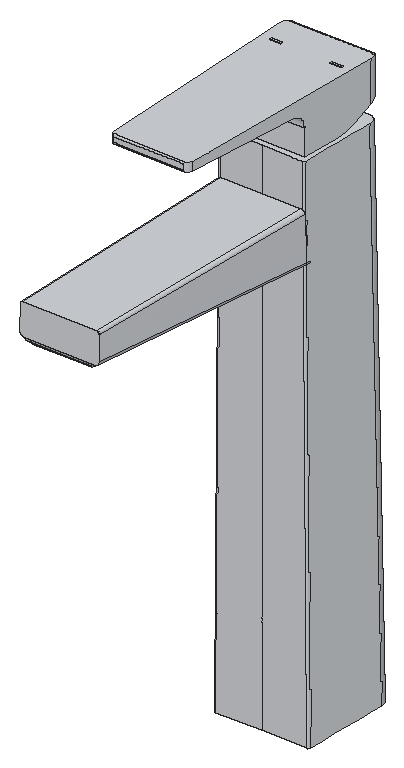
Revit family "Faucet-Lavatory-KOHLER-Hone-K-22535IN", category Plumbing Fixtures, host Face, Revit 2021
Family settings
  Host = Face
  Round Connector Dimension = Use Diameter
  Part Type = Normal
  OmniClass Number = 23.31.11.00
  OmniClass Title = Faucets
  Cut with Voids When Loaded = No
  Shared = No
  Room Calculation Point = No
Parameters (values of type "CP-Polished Chrome")
  Width = 1 203/256"  # constant formula
  WaterSense Certified = 1 = 0  # no
  Waste Water Outlet = "Waste Water Outlet"  # constant formula
  Waste Connection = 1 = 0  # no
  Vent Connection = 1 = 0  # no
  URL = "https://www.kohler.co.in/"
  Type = 1
  Spout Reach = 4 185/256"  # constant formula
  Secondary Finish = Silicone-Pantone-423C
  Product Page URL = "https://www.kohler.co.in/product-detail/22535in-4?skuid=K-22535IN-4-CP"
  Product Name = "Hone"  # constant formula
  Product Documentation Link = ""
  Pressure = 60.00 psi  # constant formula
  Model = if(Type = 1, "K-22535IN-4-CP", if(Type = 2, "K-22535IN-4ND-CP", if(Type = 3, "K-22535IN-4ND-AF", if(Type = 4, "K-22535IN-4ND-BN", "NA"))))  # "K-22535IN-4-CP"
  Material = "Premium Metal Construction"  # constant formula
  Master Format 2014 Name = "Residential Faucets, Supplies, and Trim"  # constant formula
  Master Format 2014 = "22 41 39"  # constant formula
  Manufacturer Address = "Ambience Office Tower NH-8 Gurgaon / Gurugram Haryana , 122001"  # constant formula
  Manufacturer = "Kohler Co."  # constant formula
  Lift Rod = if(Type = 1, 1 = 1, 1 = 0)  # yes
  Length = Spout Reach  # 4 185/256"
  Hot Water Inlet = "Hot Water Inlet"  # constant formula
  Height = 10.62992"  # constant formula
  Handle Clearance = 3 59/128"  # constant formula
  HW Connection = 1 = 1  # yes
  Flow Rate = 0 GPM
  Finish = Kohler-Metal-CP-Polished_Chrome
  Environmental Product Declaration = ""
  Drain Included = if(Type = 1, 1 = 1, 1 = 0)  # yes
  Description = if(or(Type = 1), " SC Tall Faucet With Drain", if(or(Type = 2, Type = 3, Type = 4), "SC Tall Lav Faucet Without Drain ", "NA"))  # " SC Tall Faucet With Drain"
  Default Elevation = 36"
  Declare Label = ""
  Date Modified = "06/17/2024"  # constant formula
  Date Created = "10/13/2020"  # constant formula
  Copyright = "Copyright Kohler Co."  # constant formula
  Contact Us = "https://www.kohler.co.in/contact-us"
  Cold Water Inlet = "Cold Water Inlet"  # constant formula
  CW Connection = 1 = 1  # yes
  Assembly Code = "D2010"
  ADA Compliant = 1 = 0  # no
Types (5): name | Type | Product Page URL | Model | Lift Rod | Finish | Drain Included | Description
  (no name) | 1 | "https://www.kohler.co.in/product-detail/22535in-4?skuid=K-22535IN-4-CP" | "K-22535IN-4-CP" | yes | Kohler-Metal-CP-Polished_Chrome | yes | " SC Tall Faucet With Drain"
  CP-Polished Chrome | 1 | "https://www.kohler.co.in/product-detail/22535in-4?skuid=K-22535IN-4-CP" | "K-22535IN-4-CP" | yes | Kohler-Metal-CP-Polished_Chrome | yes | " SC Tall Faucet With Drain"
  Without drain,CP-Polished Chrome | 2 | "https://www.kohler.co.in/product-detail/22535in-4?skuid=K-22535IN-4ND-CP" | "K-22535IN-4ND-CP" | no | Kohler-Metal-AF-Flange_Gold | no | "SC Tall Lav Faucet Without Drain "
  Without drain,AF-Flange Gold | 3 | "https://www.kohler.co.in/product-detail/22535in-4?skuid=K-22535IN-4ND-AF" | "K-22535IN-4ND-AF" | no | Kohler-Metal-AF-Flange_Gold | no | "SC Tall Lav Faucet Without Drain "
  Without drain,BN-Roman Silver | 4 | "https://www.kohler.co.in/product-detail/22535in-4?skuid=K-22535IN-4ND-BN" | "K-22535IN-4ND-BN" | no | Kohler-Metal-BN-Roman_Silver | no | "SC Tall Lav Faucet Without Drain "
Reference planes (in)
  plane 1 "Center (Front/Back)": y = 0
  plane 2: z = 0
  plane 3 "Center (Left/Right)": x = 0
  plane 4: y = 0.90486
  plane 5: x = -0.89692
  plane 6: x = 0.89605
  plane 7: y = -0.90486
  plane 8: y = -4.72441
  plane 9: z = 7.95276
  plane 10: y = -3.46094
  plane 11: z = 10.62992
  plane 12: y = -5.39545
  plane 13: x = -0.64961
  plane 14: x = 0.64961
  plane 15: x = 0.45276
  plane 16: x = -0.45276
Dimensions and locks (in)
  "Width": plane 5 to plane 6
  "Handle Clearance": plane 10 to plane 1 "Center (Front/Back)"
  "Spout Reach": nested 1 to plane 8
  "Height": plane 11 to level
  aligned and locked: plane 2 to host face
  aligned and locked: level to host face
Automatic sketch dimensions
  host sketch curve to host sketch curve = 96"  (x2)
Nested families (in)
  nested 1: "K-22535IN" at (0, -0.00175, 0), type "K-22535IN"
Connectors (in)
  piping at (-0.53291, -0.00175, 0), diameter 0.5, driven by "HW Connection", driven by "Hot Water Inlet"
    settings: on nested 1, index 1, connector inside diameter 24", connector length 0", flow factor 0, pipe flow 0 GPM, pressure drop 0.00 psi, fitting loss kfactor 0, connector angle 0.00°, fixture units 0, engagement length 0", angle of deflection 0.00°, flow configuration 0, flow direction 1, fitting loss method 0, system type 19, joint type 0, gender type 0, connector reference index -1, connector utility 1, adjustable connector no, is connector primary yes, connector description "Hot Water Inlet"
  piping at (0.53291, -0.00175, 0), diameter 0.5, driven by "CW Connection", driven by "Cold Water Inlet"
    settings: on nested 1, index 2, connector inside diameter 24", connector length 0", flow factor 0, pipe flow 0 GPM, pressure drop 0.00 psi, fitting loss kfactor 0, connector angle 0.00°, fixture units 0, engagement length 0", angle of deflection 0.00°, flow configuration 0, flow direction 1, fitting loss method 0, system type 20, joint type 0, gender type 0, connector reference index -1, connector utility 1, adjustable connector no, is connector primary no, connector description "Cold Water Inlet"
Definition of nested family "K-22535IN"
  Parameters
    Without Lift Rod = yes
    Plug Finish = none
    Material = none
    Lift Rod = yes
    Default Elevation = 0"
  Reference planes (in)
    plane 1 "Center (Front/Back)": y = 0
    plane 2: z = 0
    plane 3 "Center (Left/Right)": x = 0
    plane 4: y = 0.90486
    plane 5: y = -0.90486
    plane 6: x = -0.89692
    plane 7: x = 0.89692
    plane 8: z = 10.62992
    plane 9: y = -4.72441
    plane 10: z = 7.95276
    plane 11: y = -5.3937
    plane 12: y = -3.38583
    plane 13: y = 0.11746
    plane 14: x = -0.45276
    plane 15: x = 0.45276
    plane 16: x = -0.64961
    plane 17: x = 0.64961
    plane 18: y = 0.13715
    plane 19: y = 0.09778
  Forms (in)
    Blend 1, solid, material <- "Material", detail levels medium+fine
      base sketch origin (0, 0, 0) x (1, 0, 0) y (0, 1, 0)
        loop
          line (0, 0.90486) -> (-0.70861, 0.90486)
          arc (-0.70861, 0.90486) -> (-0.8431, 0.84836) -> (-0.89688, 0.71277) r 0.1883
          line (-0.89688, 0.71277) -> (-0.86509, -0.86697)
          arc (-0.86509, -0.86697) -> (-0.8535, -0.89381) -> (-0.82643, -0.90486) r 0.03867
          line (-0.82643, -0.90486) -> (0, -0.90486) -> (0.82643, -0.90486)
          arc (0.82643, -0.90486) -> (0.8535, -0.89381) -> (0.86509, -0.86697) r 0.03867
          line (0.86509, -0.86697) -> (0.89688, 0.71277)
          arc (0.89688, 0.71277) -> (0.8431, 0.84836) -> (0.70861, 0.90486) r 0.1883
          line (0.70861, 0.90486) -> (0, 0.90486)
      top sketch origin (0, 0, 0) x (1, 0, 0) y (0, 1, 0)
        loop
          line (0, 0.75055) -> (-0.62287, 0.75055)
          arc (-0.62287, 0.75055) -> (-0.7657, 0.69043) -> (-0.82255, 0.54626) r 0.19973
          line (-0.82255, 0.54626) -> (-0.79002, -0.87935)
          arc (-0.79002, -0.87935) -> (-0.7822, -0.89734) -> (-0.76404, -0.90474) r 0.02598
          line (-0.76404, -0.90474) -> (0, -0.90474) -> (0.76404, -0.90474)
          arc (0.76404, -0.90474) -> (0.7822, -0.89734) -> (0.79002, -0.87935) r 0.02598
          line (0.79002, -0.87935) -> (0.82255, 0.54626)
          arc (0.82255, 0.54626) -> (0.7657, 0.69043) -> (0.62287, 0.75055) r 0.19973
          line (0.62287, 0.75055) -> (0, 0.75055)
      from 0 to 9.55272
    Extrusion 2, solid, material <- "Material", detail levels medium+fine
      sketch origin (0, 0, 4.45246) x (0, 1, 0) y (0, 0, 1)
        loop
          arc (0.72395, 6.13855) -> (0.71747, 6.15325) -> (0.70258, 6.15928) r 0.02138
          line (0.70258, 6.15928) -> (-3.43973, 6.15928)
          arc (-3.43973, 6.15928) -> (-3.45356, 6.15355) -> (-3.45929, 6.13972) r 0.01956
          line (-3.45929, 6.13972) -> (-3.45929, 6.03306)
          arc (-3.45929, 6.03306) -> (-3.45356, 6.01881) -> (-3.43956, 6.01248) r 0.0206
          line (-3.43956, 6.01248) -> (-1.15755, 5.91511)
          arc (-1.15755, 5.91511) -> (-0.97823, 5.83402) -> (-0.90486, 5.65141) r 0.26394
          line (-0.90486, 5.65141) -> (-0.90486, 5.18881) -> (-0.17357, 5.18881)
          arc (-0.17357, 5.18881) -> (0.00142, 5.20681) -> (0.16908, 5.26008) r 0.85933
          line (0.16908, 5.26008) -> (0.74301, 5.50962) -> (0.72395, 6.13855)
      from -0.96139 to 0.92902
    Sweep 3, solid, material <- "Material", visible <- "Lift Rod"
      path origin (0, -0.06152, 3.83379) x (0, 1, 0) y (0, 0, 1)
        loop
          line (1.62984, 1.79856) -> (1.17985, 1.95351)
          arc (1.17985, 1.95351) -> (1.06232, 1.94975) -> (0.977, 1.86882) r 0.16535
          line (0.977, 1.86882) -> (0.74233, 1.38082)
      profile origin (0, 1.34333, 5.70982) x (0, -0.325568, -0.945519) y (1, 0, 0)
        loop
          circle (0, 0.00054) r 0.08088
    Extrusion 4, void
      sketch origin (0, 0, 0) x (1, 0, 0) y (0, 1, 0)
        loop
          line (0.3193, -3.46761) -> (0.3193, -4.11706) -> (1.30355, -4.11706) -> (1.30355, 1.34725) -> (0.17348, 1.34725) -> (0.17348, 0.76285) -> (0.63324, 0.76285)
          arc (0.63324, 0.76285) -> (0.77459, 0.703) -> (0.82999, 0.55985) r 0.19685
          line (0.82999, 0.55985) -> (0.70749, -3.3586)
          arc (0.70749, -3.3586) -> (0.67333, -3.43588) -> (0.59502, -3.46761) r 0.11253
          line (0.59502, -3.46761) -> (0.3193, -3.46761)
      from 9.64127 to 11.6129
    Extrusion 5, void
      sketch origin (0, 0, 0) x (-1, 0, 0) y (0, -1, 0)
        loop
          line (0.3193, 3.46761) -> (0.59502, 3.46761)
          arc (0.59502, 3.46761) -> (0.67333, 3.43588) -> (0.70749, 3.3586) r 0.11253
          line (0.70749, 3.3586) -> (0.82999, -0.55985)
          arc (0.82999, -0.55985) -> (0.77459, -0.703) -> (0.63324, -0.76285) r 0.19685
          line (0.63324, -0.76285) -> (0.17348, -0.76285) -> (0.17348, -1.34725) -> (1.30355, -1.34725) -> (1.30355, 4.11706) -> (0.3193, 4.11706) -> (0.3193, 3.46761)
      from 9.64127 to 11.6129
    Revolve 6, solid, material <- "Material", detail levels medium+fine
      sketch origin (0, 0, 0) x (0, 1, 0) y (0, 0, 1)
        loop
          line (0, 9.55272) -> (0.67153, 9.55272)
          arc (0.67153, 9.55272) -> (0.61448, 9.75688) -> (0.5137, 9.94337) r 0.95278
          line (0.5137, 9.94337) -> (0, 9.94337) -> (0, 9.55272)
        axis (0, 9.94337) -> (0, 9.55272)
      angle from 0 to 360
    Extrusion 7, solid, material <- "Material", detail levels coarse
      sketch origin (0, 0, 0) x (0, 1, 0) y (0, 0, 1)
        loop
          line (0, 0) -> (0.9019, 0) -> (0.9019, 9.55272) -> (-0.03148, 9.55272) -> (-0.90652, 9.55272) -> (-0.90652, 0) -> (0, 0)
      from -0.97244 to 0.97216
    Revolve 8, solid, material <- "Material", detail levels coarse
      sketch origin (0, 0, 0) x (0, 1, 0) y (0, 0, 1)
        loop
          line (0, 9.55272) -> (0.66466, 9.55272)
          arc (0.66466, 9.55272) -> (0.61595, 9.77298) -> (0.48808, 9.95882) r 0.58952
          line (0.48808, 9.95882) -> (0, 9.95882) -> (0, 9.55272)
        axis (0, 9.95882) -> (0, 9.55272)
      angle from 0 to 360
    Extrusion 9, solid, material <- "Material", detail levels coarse
      sketch origin (0, 0, 0) x (0, 1, 0) y (0, 0, 1)
        loop
          line (-0.90685, 9.64567) -> (0.07999, 9.64567) -> (0.80209, 9.95964) -> (0.80209, 10.62068) -> (-3.46711, 10.62068) -> (-3.46711, 10.46172) -> (-0.90685, 10.32754) -> (-0.90685, 9.64567)
      from -0.89692 to 0.89692
    Extrusion 10, solid, material <- "Material", detail levels coarse
      sketch origin (0, 0, 0) x (0, 1, 0) y (0, 0, 1)
        loop
          line (-0.90478, 8.80397) -> (-5.49205, 8.80397) -> (-5.49205, 7.8924) -> (-0.96046, 7.67497)
          arc (-0.96046, 7.67497) -> (-0.9272, 7.57335) -> (-0.90478, 7.46881) r 1.01826
          line (-0.90478, 7.46881) -> (-0.90478, 8.80397)
      from -0.7842 to 0.89692
    Extrusion 11, solid, material <- "Material"
      sketch origin (0, 0, 0) x (1, 0, 0) y (0, 1, 0)
        loop
          circle (-0.53291, 0) r 0.11811
        loop
          circle (0.53291, 0) r 0.11811
      from 0 to 0.13946
    Blend 12, solid, material <- "Material", detail levels medium+fine
      base sketch origin (0, -0.77119, 4.44382) x (1, 0, 0) y (0, 0, 1)
        loop
          line (-0.79549, 4.25993) -> (-0.79896, 3.443)
          arc (-0.79896, 3.443) -> (-0.79332, 3.42253) -> (-0.77787, 3.40797) r 0.03937
          arc (-0.77787, 3.40797) -> (-0.62267, 3.33641) -> (-0.46099, 3.28104) r 1.67464
          arc (-0.46099, 3.28104) -> (-0.022, 3.21649) -> (0.41853, 3.26949) r 1.67464
          arc (0.41853, 3.26949) -> (0.60201, 3.3283) -> (0.77753, 3.40779) r 1.67464
          arc (0.77753, 3.40779) -> (0.79323, 3.42259) -> (0.79895, 3.44338) r 0.03999
          line (0.79895, 3.44338) -> (0.79552, 4.25262)
          arc (0.79552, 4.25262) -> (0.77492, 4.30379) -> (0.72481, 4.32684) r 0.07464
          arc (0.72481, 4.32684) -> (-0.00366, 4.34595) -> (-0.73212, 4.32648) r 13.76456
          arc (-0.73212, 4.32648) -> (-0.77703, 4.3058) -> (-0.79549, 4.25993) r 0.06693
      top sketch origin (0, -0.77119, 4.44382) x (1, 0, 0) y (0, 0, 1)
        loop
          line (-0.71959, 4.28112) -> (-0.72727, 3.84113)
          arc (-0.72727, 3.84113) -> (-0.72169, 3.81361) -> (-0.70503, 3.79101) r 0.06507
          arc (-0.70503, 3.79101) -> (-0.57105, 3.70189) -> (-0.41853, 3.65065) r 0.61408
          arc (-0.41853, 3.65065) -> (0, 3.61019) -> (0.41853, 3.65065) r 2.18484
          arc (0.41853, 3.65065) -> (0.57062, 3.70168) -> (0.7043, 3.79037) r 0.61408
          arc (0.7043, 3.79037) -> (0.72149, 3.81364) -> (0.72725, 3.842) r 0.06693
          line (0.72725, 3.842) -> (0.71959, 4.28082)
          arc (0.71959, 4.28082) -> (0.70762, 4.30996) -> (0.67908, 4.32328) r 0.04331
          arc (0.67908, 4.32328) -> (-0.00003, 4.34521) -> (-0.67914, 4.3235) r 10.58084
          arc (-0.67914, 4.3235) -> (-0.70764, 4.31021) -> (-0.71959, 4.28112) r 0.04322
      from 0.0152 to 4.72085
    Revolve 13, solid, detail levels medium+fine
      sketch origin (0, -0.80811, 4.47323) x (0, 1, 0) y (0, 0, 1)
        loop
          arc (-4.00959, 3.50326) -> (-3.87663, 3.46824) -> (-3.73914, 3.46822) r 0.53543
          line (-3.73914, 3.46822) -> (-3.68013, 3.44557)
          arc (-3.68013, 3.44557) -> (-3.66059, 3.45548) -> (-3.64862, 3.47383) r 0.0423
          line (-3.64862, 3.47383) -> (-3.62318, 3.55167) -> (-3.54863, 3.52305) -> (-3.47365, 3.71839) -> (-3.87648, 3.85002) -> (-4.00959, 3.50326)
        axis (-4.00959, 3.50326) -> (-3.86878, 3.87007)
      angle from 0 to 360
    Revolve 14, void
      sketch origin (0, -0.8081, 4.44382) x (0, 1, 0) y (0, 0, 1)
        loop
          line (-3.41478, 3.81734) -> (-3.84541, 3.95557) -> (-4.1218, 3.23553) -> (-3.70024, 3.07371) -> (-3.41478, 3.81734)
        axis (-3.83635, 3.97917) -> (-4.1218, 3.23553)
      angle from 0 to 360
    Extrusion 15, void
      sketch origin (0, -0.77119, 4.44382) x (0, 1, 0) y (0, 0, 1)
        loop
          arc (-4.67559, 3.67733) -> (-4.68646, 3.6883) -> (-4.69707, 3.69952) r 0.67954
          arc (-4.69707, 3.69952) -> (-4.71204, 3.72081) -> (-4.72085, 3.74532) r 0.09759
          line (-4.72085, 3.74532) -> (-4.72085, 3.49663) -> (-4.24533, 3.49663) -> (-4.24533, 3.57722) -> (-4.50422, 3.59861)
          arc (-4.50422, 3.59861) -> (-4.59683, 3.6229) -> (-4.67559, 3.67733) r 0.27636
      from -1.06266 to 1.20488
    Revolve 16, solid, material <- "Plug Finish", detail levels medium+fine
      sketch origin (0, 0.06916, 4.43213) x (0, 1, 0) y (0, 0, 1)
        loop
          line (-0.83333, 5.64698) -> (-0.83333, 5.79041) -> (-0.90743, 5.79041)
          arc (-0.90743, 5.79041) -> (-0.92752, 5.78628) -> (-0.94436, 5.77457) r 0.05095
          arc (-0.94436, 5.77457) -> (-0.98211, 5.71568) -> (-0.99533, 5.64698) r 0.18517
          line (-0.99533, 5.64698) -> (-0.83333, 5.64698)
        axis (-0.99533, 5.64698) -> (-0.83333, 5.64698)
      angle from 0 to 360
    Revolve 17, void
      sketch origin (0, 0.08146, 4.44444) x (0, 1, 0) y (0, 0, 1)
        loop
          line (-0.81693, 5.78237) -> (-1.04502, 5.78237) -> (-1.04502, 5.63468) -> (-0.81693, 5.63468) -> (-0.81693, 5.78237)
        axis (-0.81693, 5.63468) -> (-1.04502, 5.63468)
      angle from 0 to 360
    Extrusion 18, solid, detail levels medium+fine
      sketch origin (0.00266, 0.00177, 0) x (-1, 0, 0) y (0, -1, 0)
        loop
          line (-0.64694, -0.13537) -> (-0.45009, -0.13537) -> (-0.45009, -0.096) -> (-0.64694, -0.096) -> (-0.64694, -0.13537)
      from 10.48732 to 10.61415
    Extrusion 19, solid, detail levels medium+fine
      sketch origin (0.00266, 0.00177, 0) x (1, 0, 0) y (0, 1, 0)
        loop
          line (-0.65227, 0.13537) -> (-0.65227, 0.096) -> (-0.45542, 0.096) -> (-0.45542, 0.13537) -> (-0.65227, 0.13537)
      from 10.48732 to 10.61415
  Cuts and joins
    Extrusion 5 cuts Blend 1
    Extrusion 4, Extrusion 5, Revolve 17 cuts Extrusion 2
    joined: Blend 1, Extrusion 2
    Revolve 14, Extrusion 15 cuts Blend 12
    Revolve 17 cuts Extrusion 7
    joined: Extrusion 7, Extrusion 9
  Lines and regions (in)
    Masking region 1
      outline origin (0, 0, 0) x (0, 1, 0) y (0, 0, 1)
        loop
          line (-0.90478, 0) -> (0.90486, 0) -> (0.88254, 1.96838)
          arc (0.88254, 1.96838) -> (0.85817, 3.48834) -> (0.81955, 5.00802) r 162.11995
          arc (0.81955, 5.00802) -> (0.7681, 7.28041) -> (0.75055, 9.55333) r 152.40345
          line (0.75055, 9.55333) -> (0.67167, 9.55333)
          arc (0.67167, 9.55333) -> (0.62878, 9.72839) -> (0.54564, 9.88831) r 0.75528
          line (0.54564, 9.88831) -> (0.73835, 9.9721) -> (0.71944, 10.59576)
          arc (0.71944, 10.59576) -> (0.71341, 10.6103) -> (0.69925, 10.61717) r 0.02217
          arc (0.69925, 10.61717) -> (0.55619, 10.62673) -> (0.41285, 10.62992) r 3.22299
          line (0.41285, 10.62992) -> (-3.08412, 10.62992)
          arc (-3.08412, 10.62992) -> (-3.22477, 10.62672) -> (-3.36512, 10.6171) r 3.0867
          arc (-3.36512, 10.6171) -> (-3.37987, 10.60978) -> (-3.38583, 10.59442) r 0.02278
          line (-3.38583, 10.59442) -> (-3.38583, 10.49457)
          arc (-3.38583, 10.49457) -> (-3.38001, 10.48009) -> (-3.36579, 10.47367) r 0.02092
          line (-3.36579, 10.47367) -> (-1.14282, 10.37968)
          arc (-1.14282, 10.37968) -> (-1.02672, 10.34523) -> (-0.9407, 10.25999) r 0.24846
          arc (-0.9407, 10.25999) -> (-0.93727, 10.24244) -> (-0.9344, 10.22478) r 0.55796
          line (-0.9344, 10.22478) -> (-0.90486, 10.02241) -> (-0.90486, 9.65139) -> (-0.81586, 9.65139) -> (-0.83603, 9.55278) -> (-0.90474, 9.55278) -> (-0.90474, 9.05016)
          arc (-0.90474, 9.05016) -> (-0.97665, 8.87654) -> (-1.15027, 8.80462) r 0.24553
          line (-1.15027, 8.80462) -> (-4.44468, 8.80462)
          arc (-4.44468, 8.80462) -> (-4.8982, 8.80073) -> (-5.35158, 8.78903) r 26.3761
          arc (-5.35158, 8.78903) -> (-5.38145, 8.77574) -> (-5.3937, 8.74543) r 0.04362
          line (-5.3937, 8.74543) -> (-5.3937, 8.10674)
          arc (-5.3937, 8.10674) -> (-5.39, 8.08755) -> (-5.37942, 8.07112) r 0.05158
          line (-5.37942, 8.07112) -> (-5.35675, 8.04738) -> (-4.95617, 8.00851)
          arc (-4.95617, 8.00851) -> (-4.93552, 7.99912) -> (-4.91505, 7.98934) r 1.19061
          line (-4.91505, 7.98934) -> (-4.89688, 8.04505) -> (-4.79963, 8.01334) -> (-4.8172, 7.95946)
          arc (-4.8172, 7.95946) -> (-4.71117, 7.9435) -> (-4.60412, 7.94959) r 0.52082
          line (-4.60412, 7.94959) -> (-4.54018, 7.92874)
          arc (-4.54018, 7.92874) -> (-4.50866, 7.93443) -> (-4.49604, 7.96387) r 0.0338
          line (-4.49604, 7.96387) -> (-1.55594, 7.67857)
          arc (-1.55594, 7.67857) -> (-1.09185, 7.4456) -> (-0.90478, 6.96117) r 0.72077
          line (-0.90478, 6.96117) -> (-0.90478, 0)
    Masking region 2
      outline origin (0, 0, 0) x (1, 0, 0) y (0, 0, 1)
        loop
          line (-0.89692, 0) -> (0.89692, 0) -> (0.88647, 1.35418) -> (0.87704, 2.58908) -> (0.85141, 6.4654) -> (0.81639, 9.55272) -> (0.7515, 9.55272)
          arc (0.7515, 9.55272) -> (0.74281, 9.6025) -> (0.72957, 9.65127) r 0.54759
          line (0.72957, 9.65127) -> (0.80479, 9.65127)
          arc (0.80479, 9.65127) -> (0.80914, 9.67869) -> (0.81153, 9.70635) r 0.38815
          arc (0.81153, 9.70635) -> (0.81632, 9.84889) -> (0.81636, 9.9915) r 4.28111
          line (0.81636, 9.9915) -> (0.80654, 10.59076)
          arc (0.80654, 10.59076) -> (0.80044, 10.6056) -> (0.78588, 10.61234) r 0.02199
          arc (0.78588, 10.61234) -> (0.66255, 10.61881) -> (0.53935, 10.62329) r 7.71155
          arc (0.53935, 10.62329) -> (0.0154, 10.63073) -> (-0.50854, 10.62329) r 18.46434
          arc (-0.50854, 10.62329) -> (-0.64713, 10.61859) -> (-0.78566, 10.61236) r 12.53788
          arc (-0.78566, 10.61236) -> (-0.80036, 10.60568) -> (-0.80654, 10.59076) r 0.02199
          line (-0.80654, 10.59076) -> (-0.81636, 9.9915)
          arc (-0.81636, 9.9915) -> (-0.81632, 9.84889) -> (-0.81153, 9.70635) r 4.28111
          arc (-0.81153, 9.70635) -> (-0.80914, 9.67869) -> (-0.80479, 9.65127) r 0.38815
          line (-0.80479, 9.65127) -> (-0.72957, 9.65127)
          arc (-0.72957, 9.65127) -> (-0.74281, 9.6025) -> (-0.7515, 9.55272) r 0.54759
          line (-0.7515, 9.55272) -> (-0.81639, 9.55272) -> (-0.85141, 6.4654) -> (-0.87704, 2.58908) -> (-0.88647, 1.35418) -> (-0.89692, 0)
    Masking region 3
      outline origin (0, 0, 0) x (1, 0, 0) y (0, 1, 0)
        loop
          arc (-0.86509, -0.86697) -> (-0.85601, -0.8914) -> (-0.8337, -0.90486) r 0.03953
          line (-0.8337, -0.90486) -> (-0.7982, -0.90486) -> (-0.78241, -1.5078) -> (-0.7084, -4.68827) -> (-0.69964, -5.15283)
          arc (-0.69964, -5.15283) -> (-0.62665, -5.32338) -> (-0.45498, -5.3937) r 0.24469
          line (-0.45498, -5.3937) -> (0.45498, -5.3937)
          arc (0.45498, -5.3937) -> (0.62665, -5.32338) -> (0.69964, -5.15283) r 0.24469
          line (0.69964, -5.15283) -> (0.7084, -4.68827) -> (0.78241, -1.5078) -> (0.7982, -0.90486) -> (0.8337, -0.90486)
          arc (0.8337, -0.90486) -> (0.85601, -0.8914) -> (0.86509, -0.86697) r 0.03953
          line (0.86509, -0.86697) -> (0.89688, 0.71277)
          arc (0.89688, 0.71277) -> (0.8431, 0.84836) -> (0.70861, 0.90486) r 0.1883
          line (0.70861, 0.90486) -> (-0.70861, 0.90486)
          arc (-0.70861, 0.90486) -> (-0.8431, 0.84836) -> (-0.89688, 0.71277) r 0.1883
          line (-0.89688, 0.71277) -> (-0.86509, -0.86697)
    Masking region 4, visible <- "Lift Rod"
      outline origin (0, 0, 0) x (1, 0, 0) y (0, 1, 0)
        loop
          line (-0.08034, 1.56806) -> (-0.08034, 0.74301) -> (0.08034, 0.74301) -> (0.08034, 1.56403)
          spline (0.08034, 1.56403) -> (0.08091, 1.57128) -> (0.07539, 1.5783) -> (0.06419, 1.58457) -> (0.04816, 1.58961) -> (0.02852, 1.59303) -> (0.00676, 1.59458) -> (-0.01547, 1.59413) -> (-0.03649, 1.59173) -> (-0.0547, 1.58756) -> (-0.06872, 1.58192) -> (-0.07749, 1.57525) -> (-0.08034, 1.56806)
    Masking region 5, visible <- "Lift Rod"
      outline origin (0, 0, 0) x (0, 1, 0) y (0, 0, 1)
        loop
          line (1.59489, 5.71214) -> (1.13325, 5.87109)
          arc (1.13325, 5.87109) -> (0.90418, 5.83636) -> (0.80214, 5.62836) r 0.24985
          arc (0.80214, 5.62836) -> (0.80518, 5.5135) -> (0.8083, 5.39865) r 152.40345
          line (0.8083, 5.39865) -> (0.99346, 5.66365)
          arc (0.99346, 5.66365) -> (1.04781, 5.70393) -> (1.11545, 5.70335) r 0.10652
          line (1.11545, 5.70335) -> (1.54137, 5.5567) -> (1.59489, 5.71214)
    symbolic lines, detail levels medium+fine
      curve 1: line (0, -3.38583, 10.59442) -> (0, 0.71949, 10.59442)
      curve 2: line (0, 0.50935, 9.87253) -> (0, 0.50935, 10.59442)
      curve 3: line (0, 0.54564, 9.88831) -> (0, 0.15094, 9.71669)
      curve 4: line (0, -0.81586, 9.65139) -> (0, -0.16303, 9.65139)
      curve 5: arc (0, 0.15094, 9.71669) -> (0, -0.00269, 9.66789) -> (0, -0.16303, 9.65139) r 0.7874
      curve 6: line (0, -3.38583, 10.49457) -> (0, -1.13934, 10.39359)
      curve 7: line (0, -0.89042, 9.65139) -> (0, -0.89042, 10.13323)
      curve 8: arc (0, -1.13934, 10.39359) -> (0, -0.96266, 10.31333) -> (0, -0.89042, 10.13323) r 0.26063
      curve 9: line (0, -0.90486, 10.02241) -> (0, -0.90486, 10.13715)
      curve 10: arc (0, -0.90486, 10.13715) -> (0, -0.914, 10.20113) -> (0, -0.9407, 10.25999) r 0.22844
      curve 11: line (0, -0.90486, 10.10332) -> (0, -0.92273, 10.22571)
      curve 12: line (0, 0.67167, 9.55333) -> (0, -0.83603, 9.55278)
      curve 13: line (0, 0.50935, 9.55327) -> (0, 0.6177, 0)
      curve 14: line (0, -0.86686, 0) -> (0, -0.86686, 7.61006)
      curve 15: line (0, -1.12285, 7.88558) -> (0, -5.3937, 8.19979)
      curve 16: line (0, -5.22065, 8.18706) -> (0, -5.22065, 8.79321)
      curve 17: line (0, -5.3937, 8.74543) -> (0, -1.15007, 8.74543)
      curve 18: line (0, -0.86766, 9.55278) -> (0, -0.86766, 9.02785)
      curve 19: arc (0, -0.86766, 9.02785) -> (0, -0.95038, 8.82815) -> (0, -1.15007, 8.74543) r 0.28241
      curve 20: arc (0, -0.86686, 7.61006) -> (0, -0.94074, 7.7981) -> (0, -1.12285, 7.88558) r 0.27626
      curve 21: line (0, -0.90478, 6.96117) -> (0, -0.90478, 7.58396)
      curve 22: line (0, -1.15089, 7.84884) -> (0, -5.3937, 8.16099)
      curve 23: arc (0, -0.90478, 7.58396) -> (0, -0.97581, 7.76475) -> (0, -1.15089, 7.84884) r 0.2656
      curve 24: line (0, -4.49604, 7.96387) -> (0, -4.79963, 8.01334)
      curve 25: line (0, -4.60412, 7.94959) -> (0, -4.74849, 8.00501)
      curve 26: line (0, -4.95617, 8.00851) -> (0, -4.91025, 8.00406)
      curve 27: line (-0.80654, 0, 10.59076) -> (0.80654, 0, 10.59076)
      curve 28: line (-0.75122, 0, 10.39186) -> (-0.71619, 0, 10.45253)
      curve 29: line (-0.7666, 0, 10.40235) -> (-0.72721, 0, 10.47057)
      curve 30: line (-0.77412, 0, 9.65127) -> (-0.76187, 0, 10.35345)
      curve 31: arc (-0.76187, 0, 10.35345) -> (-0.75898, 0, 10.37333) -> (-0.75122, 0, 10.39186) r 0.07958
      curve 32: line (-0.78884, 0, 9.65127) -> (-0.77634, 0, 10.36721)
      curve 33: arc (-0.77634, 0, 10.36721) -> (-0.77371, 0, 10.3854) -> (-0.7666, 0, 10.40235) r 0.07281
      curve 34: line (-0.50642, 0, 10.4925) -> (0.50642, 0, 10.4925)
      curve 35: arc (-0.69582, 0, 10.4878) -> (-0.60115, 0, 10.49133) -> (-0.50642, 0, 10.4925) r 3.81688
      curve 36: arc (-0.72721, 0, 10.47057) -> (-0.7135, 0, 10.48279) -> (-0.69582, 0, 10.4878) r 0.04096
      curve 37: arc (-0.68315, 0, 10.47264) -> (-0.59481, 0, 10.47573) -> (-0.50642, 0, 10.47675) r 3.80113
      curve 38: arc (-0.71619, 0, 10.45253) -> (-0.70224, 0, 10.46681) -> (-0.68315, 0, 10.47264) r 0.04031
      curve 39: line (-0.50642, 0, 10.47675) -> (0.50642, 0, 10.47675)
      curve 40: line (0.75122, 0, 10.39186) -> (0.71619, 0, 10.45253)
      curve 41: line (0.7666, 0, 10.40235) -> (0.72721, 0, 10.47057)
      curve 42: line (0.77412, 0, 9.65127) -> (0.76187, 0, 10.35345)
      curve 43: line (0.78884, 0, 9.65127) -> (0.77634, 0, 10.36721)
      curve 44: arc (0.72721, 0, 10.47057) -> (0.7135, 0, 10.48279) -> (0.69582, 0, 10.4878) r 0.04096
      curve 45: arc (0.71619, 0, 10.45253) -> (0.70224, 0, 10.46681) -> (0.68315, 0, 10.47264) r 0.04031
      curve 46: arc (0.76187, 0, 10.35345) -> (0.75898, 0, 10.37333) -> (0.75122, 0, 10.39186) r 0.07958
      curve 47: arc (0.77634, 0, 10.36721) -> (0.77371, 0, 10.3854) -> (0.7666, 0, 10.40235) r 0.07281
      curve 48: arc (0.69582, 0, 10.4878) -> (0.60115, 0, 10.49133) -> (0.50642, 0, 10.4925) r 3.81688
      curve 49: arc (0.68315, 0, 10.47264) -> (0.59481, 0, 10.47573) -> (0.50642, 0, 10.47675) r 3.80113
      curve 50: line (-0.76187, 0, 10.35345) -> (0.76187, 0, 10.35345)
      curve 51: line (-0.72721, 0, 10.47057) -> (-0.72721, 0, 10.59076)
      curve 52: line (0.72721, 0, 10.47057) -> (0.72721, 0, 10.59076)
      curve 53: arc (-0.66755, 0, 10.39459) -> (0.00052, 0, 10.38211) -> (0.66858, 0, 10.39547) r 17.28475
      curve 54: arc (0.64838, 0, 10.46453) -> (-0.00023, 0, 10.469) -> (-0.64885, 0, 10.46455) r 47.22883
      curve 55: line (-0.68338, 0, 10.41813) -> (-0.67264, 0, 10.44765)
      curve 56: arc (-0.64885, 0, 10.46455) -> (-0.66338, 0, 10.45981) -> (-0.67264, 0, 10.44765) r 0.02569
      curve 57: arc (-0.66755, 0, 10.39459) -> (-0.68145, 0, 10.40234) -> (-0.68338, 0, 10.41813) r 0.01756
      curve 58: line (0.68353, 0, 10.41773) -> (0.67281, 0, 10.44718)
      curve 59: arc (0.67281, 0, 10.44718) -> (0.6633, 0, 10.45966) -> (0.64838, 0, 10.46453) r 0.02638
      curve 60: arc (0.66858, 0, 10.39547) -> (0.68171, 0, 10.40281) -> (0.68353, 0, 10.41773) r 0.0166
      curve 61: circle (-0.00001, 0, 10.10417) r 0.14514 normal (0, -1, 0)
      curve 62: circle (-0.00001, 0, 10.10417) r 0.12569 normal (0, -1, 0)
      curve 63: line (-0.72957, 0, 9.65127) -> (0.72957, 0, 9.65127)
      curve 64: line (-0.7515, 0, 9.55272) -> (0.7515, 0, 9.55272)
      curve 65: line (-0.78395, 0, 9.55272) -> (-0.78395, 0, 8.74698)
      curve 66: line (-0.78395, 0, 8.74698) -> (0.78991, 0, 8.74698)
      curve 67: line (0.78991, 0, 8.74698) -> (0.78991, 0, 9.55272)
      curve 68: line (-0.74737, 0, 9.55272) -> (-0.74737, 0, 8.78726)
      curve 69: line (-0.74737, 0, 8.78726) -> (0.74737, 0, 8.78726)
      curve 70: arc (-0.78395, 0, 8.74698) -> (-0.77458, 0, 8.77521) -> (-0.74737, 0, 8.78726) r 0.03675
      curve 71: line (0.74737, 0, 9.55272) -> (0.74737, 0, 8.78726)
      curve 72: arc (0.78395, 0, 8.74698) -> (0.77458, 0, 8.77521) -> (0.74737, 0, 8.78726) r 0.03675
      curve 73: line (-0.78395, 0, 9.03114) -> (0.78991, 0, 9.03114)
      curve 74: line (-0.4164, 0, 8.78726) -> (-0.4164, 0, 8.17305)
      curve 75: line (-0.69542, 0, 8.74698) -> (-0.69542, 0, 8.17305)
      curve 76: arc (-0.66074, 0, 8.78726) -> (-0.68555, 0, 8.77355) -> (-0.69542, 0, 8.74698) r 0.04073
      curve 77: line (-0.4164, 0, 8.17305) -> (0.4164, 0, 8.17305)
      curve 78: arc (-0.4164, 0, 8.17305) -> (-0.48938, 0, 8.16795) -> (-0.56093, 0, 8.15274) r 0.52433
      curve 79: arc (-0.56093, 0, 8.15274) -> (-0.63039, 0, 8.14824) -> (-0.69542, 0, 8.17305) r 0.16344
      curve 80: line (-0.4164, 0, 8.20489) -> (0.4164, 0, 8.20489)
      curve 81: arc (-0.69542, 0, 8.1894) -> (-0.55547, 0, 8.18931) -> (-0.4164, 0, 8.20489) r 1.2478
      curve 82: line (0.4164, 0, 8.78726) -> (0.4164, 0, 8.17305)
      curve 83: line (0.69542, 0, 8.74698) -> (0.69542, 0, 8.17305)
      curve 84: arc (0.66074, 0, 8.78726) -> (0.68555, 0, 8.77355) -> (0.69542, 0, 8.74698) r 0.04073
      curve 85: arc (0.4164, 0, 8.17305) -> (0.48938, 0, 8.16795) -> (0.56093, 0, 8.15274) r 0.52433
      curve 86: arc (0.56093, 0, 8.15274) -> (0.63039, 0, 8.14824) -> (0.69542, 0, 8.17305) r 0.16344
      curve 87: arc (0.69542, 0, 8.1894) -> (0.55547, 0, 8.18931) -> (0.4164, 0, 8.20489) r 1.2478
      curve 88: arc (-0.77127, 0, 7.83674) -> (-0.00049, 0, 7.62103) -> (0.7696, 0, 7.83922) r 1.47647
      curve 89: line (-0.69542, 0, 8.17305) -> (-0.77602, 0, 7.93895)
      curve 90: line (-0.79431, 0, 7.8297) -> (-0.86332, 0, 0)
      curve 91: arc (-0.77602, 0, 7.93895) -> (-0.7897, 0, 7.88509) -> (-0.79431, 0, 7.8297) r 0.33557
      curve 92: line (-0.67321, 0, 8.16088) -> (-0.76791, 0, 7.85113)
      curve 93: line (-0.82375, 0, 0) -> (-0.77273, 0, 7.81957)
      curve 94: arc (-0.76791, 0, 7.85113) -> (-0.77147, 0, 7.83553) -> (-0.77273, 0, 7.81957) r 0.11038
      curve 95: line (0.79431, 0, 7.8297) -> (0.86332, 0, 0)
      curve 96: line (0.82375, 0, 0) -> (0.77284, 0, 7.80236)
      curve 97: line (-0.80153, 0, 7.00963) -> (0.80153, 0, 7.00963)
      curve 98: line (0.69542, 0, 8.17305) -> (0.77602, 0, 7.93895)
      curve 99: arc (0.77602, 0, 7.93895) -> (0.7897, 0, 7.88509) -> (0.79431, 0, 7.8297) r 0.33557
      curve 100: line (0.67321, 0, 8.16088) -> (0.76288, 0, 7.86758)
      curve 101: arc (0.76288, 0, 7.86758) -> (0.77023, 0, 7.83534) -> (0.77284, 0, 7.80236) r 0.22817
      curve 102: arc (-0.24619, 0, 7.9573) -> (0.00346, 0, 7.92021) -> (0.25313, 0, 7.95712) r 0.86089
      curve 103: arc (-0.48236, 0, 8.01827) -> (-0.00301, 0, 8.04859) -> (0.47669, 0, 8.02455) r 4.2443
      curve 104: arc (-0.48474, 0, 7.98552) -> (-0.3665, 0, 7.96263) -> (-0.24619, 0, 7.9573) r 0.82036
      curve 105: arc (-0.48474, 0, 7.98552) -> (-0.49704, 0, 8.00287) -> (-0.48236, 0, 8.01827) r 0.01672
      curve 106: arc (-0.24619, 0, 7.9573) -> (-0.28452, 0, 7.97312) -> (-0.31908, 0, 7.99605) r 0.21397
      curve 107: arc (-0.31908, 0, 7.99605) -> (-0.33194, 0, 8.01269) -> (-0.33607, 0, 8.03331) r 0.0461
      curve 108: arc (0.47976, 0, 7.98419) -> (0.36739, 0, 7.96274) -> (0.25313, 0, 7.95712) r 0.82036
      curve 109: arc (0.31908, 0, 7.99605) -> (0.33194, 0, 8.01269) -> (0.33607, 0, 8.03331) r 0.0461
      curve 110: arc (0.47669, 0, 8.02455) -> (0.49502, 0, 8.00565) -> (0.47976, 0, 7.98419) r 0.02058
      curve 111: arc (0.25313, 0, 7.95712) -> (0.28845, 0, 7.97262) -> (0.31908, 0, 7.99605) r 0.16149
      curve 112: arc (-0.48474, 0, 7.98552) -> (-0.59497, 0, 8.02401) -> (-0.69862, 0, 8.07776) r 0.82036
      curve 113: arc (-0.45428, 0, 8.17168) -> (0, 0, 7.95079) -> (0.45428, 0, 8.17168) r 0.57758
      curve 114: arc (-0.67321, 0, 8.16088) -> (-0.58331, 0, 8.08217) -> (-0.48236, 0, 8.01827) r 0.77261
      curve 115: arc (0.47976, 0, 7.98419) -> (0.5926, 0, 8.023) -> (0.69862, 0, 8.07776) r 0.82036
      curve 116: arc (0.67321, 0, 8.16088) -> (0.58531, 0, 8.08367) -> (0.48676, 0, 8.02062) r 0.77261
      curve 117: line (-0.60955, 0.71952, 0) -> (0.60999, 0.71952, 0)
      curve 118: line (-0.59875, 0.70512, 0) -> (0.5969, 0.70512, 0)
      curve 119: line (-0.79554, 0.50336, 0) -> (-0.70117, -3.27868, 0)
      curve 120: arc (-0.59875, 0.70512, 0) -> (-0.73967, 0.64571, 0) -> (-0.79554, 0.50336, 0) r 0.19685
      curve 121: line (-0.7982, -0.90486, 0) -> (-0.7982, -0.86697, 0)
      curve 122: line (-0.86509, -0.86697, 0) -> (-0.7982, -0.86697, 0)
      curve 123: line (-0.80634, 0.51776, 0) -> (-0.7795, -0.66304, 0)
      curve 124: arc (-0.60955, 0.71952, 0) -> (-0.75047, 0.66012, 0) -> (-0.80634, 0.51776, 0) r 0.19685
      curve 125: arc (-0.7795, -0.66304, 0) -> (-0.77185, -0.9852, 0) -> (-0.76354, -1.30734, 0) r 159.20046
      curve 126: arc (-0.76354, -1.30734, 0) -> (-0.75132, -1.84256, 0) -> (-0.7433, -2.37785, 0) r 68.03478
      curve 127: arc (-0.7433, -2.37785, 0) -> (-0.73527, -2.83108, 0) -> (-0.72118, -3.28415, 0) r 33.91525
      curve 128: line (-0.53377, -3.46462, 0) -> (0.52869, -3.46462, 0)
      curve 129: arc (-0.72118, -3.28415, 0) -> (-0.66385, -3.41217, 0) -> (-0.53377, -3.46462, 0) r 0.18754
      curve 130: line (-0.52686, -3.44869, 0) -> (0.5246, -3.44869, 0)
      curve 131: arc (-0.70117, -3.27868, 0) -> (-0.64861, -3.39915, 0) -> (-0.52686, -3.44869, 0) r 0.17436
      curve 132: line (0.79369, 0.50336, 0) -> (0.69933, -3.27826, 0)
      curve 133: arc (0.69933, -3.27826, 0) -> (0.64664, -3.39903, 0) -> (0.5246, -3.44869, 0) r 0.17479
      curve 134: arc (0.74718, -2.37785, 0) -> (0.73926, -2.82657, 0) -> (0.7254, -3.27515, 0) r 33.91525
      curve 135: arc (0.52869, -3.46462, 0) -> (0.66525, -3.40954, 0) -> (0.7254, -3.27515, 0) r 0.19685
      curve 136: arc (0.76743, -1.30734, 0) -> (0.7552, -1.84256, 0) -> (0.74718, -2.37785, 0) r 68.03478
      curve 137: arc (0.77643, -0.84559, 0) -> (0.77277, -1.07648, 0) -> (0.76743, -1.30734, 0) r 31.68302
      curve 138: line (0.80679, 0.51829, 0) -> (0.77643, -0.84559, 0)
      curve 139: arc (0.5969, 0.70512, 0) -> (0.73782, 0.64571, 0) -> (0.79369, 0.50336, 0) r 0.19685
      curve 140: arc (0.60999, 0.71952, 0) -> (0.75072, 0.66031, 0) -> (0.80679, 0.51829, 0) r 0.19685
      curve 141: line (0.7982, -0.90486, 0) -> (0.7982, -0.86605, 0)
      curve 142: line (0.7982, -0.86605, 0) -> (0.86366, -0.86605, 0)
      curve 143: line (-0.69518, -3.37257, 0) -> (-0.65056, -5.17722, 0)
      curve 144: line (0.65251, -5.17693, 0) -> (0.69447, -3.37392, 0)
      curve 145: line (-0.45377, -5.3692, 0) -> (0.45571, -5.3692, 0)
      curve 146: arc (-0.65056, -5.17722, 0) -> (-0.59123, -5.31326, 0) -> (-0.45377, -5.3692, 0) r 0.19685
      curve 147: arc (0.45571, -5.3692, 0) -> (0.59328, -5.31316, 0) -> (0.65251, -5.17693, 0) r 0.19685
      curve 148: line (-0.70861, 0.90486, 0) -> (-0.60955, 0.71952, 0)
      curve 149: line (-0.80634, 0.51776, 0) -> (-0.89473, 0.60616, 0)
      curve 150: line (0.60999, 0.71952, 0) -> (0.70861, 0.90486, 0)
      curve 151: line (0.80679, 0.51829, 0) -> (0.89635, 0.6866, 0)
      curve 152: line (-0.45276, 0.13715, 0) -> (-0.64961, 0.13715, 0)
      curve 153: line (-0.64961, 0.13715, 0) -> (-0.64961, 0.09778, 0)
      curve 154: line (-0.64961, 0.09778, 0) -> (-0.45276, 0.09778, 0)
      curve 155: line (-0.45276, 0.09778, 0) -> (-0.45276, 0.13715, 0)
      curve 156: line (0.64961, 0.13715, 0) -> (0.45276, 0.13715, 0)
      curve 157: line (0.45276, 0.13715, 0) -> (0.45276, 0.09778, 0)
      curve 158: line (0.45276, 0.09778, 0) -> (0.64961, 0.09778, 0)
      curve 159: line (0.64961, 0.09778, 0) -> (0.64961, 0.13715, 0)
  Dimensions and locks (in)
    plane 8 to level = 10.62992"
    plane 1 "Center (Front/Back)" to plane 9 = 4.72441"
    plane 10 to level = 7.95276"
    plane 1 "Center (Front/Back)" to plane 11 = 5.3937"
    plane 1 "Center (Front/Back)" to plane 12 = 3.38583"
    plane 4 to plane 13 = 0.7874"
    plane 18 to plane 19 = 0.03937"
    plane 15 to plane 17 = 0.19685"
    plane 11 to plane 1 "Center (Front/Back)" = 5.3937"
    aligned and locked: level to plane 2
